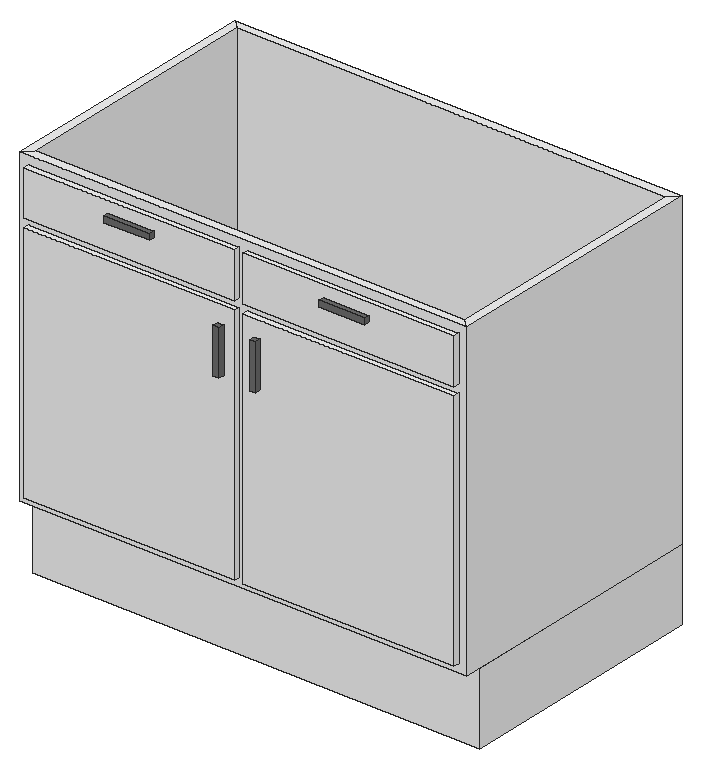
Revit family "Base Cabinet-Double Door & 2 Drawer (NZ)", category 케이스워크, Revit 2026
Family settings
  작업 기준면 기반 = 아니오
  항상 수직 = 예
  로드될 때 보이드를 사용하여 절단 = 아니오
  공유 = 아니오
  룸 계산 점 = 아니오
Parameters (values of type "1000mm")
  기본 높이 = 0 mm
  Cabinet Material = none
  깊이 = 600 mm
  Door/Drawer Material = none
  Handle Material = Cabinets - Handles
  높이 = 860 mm
  Plinth Depth = 35 mm
  Plinth Height = 160 mm
  폭 = 1000 mm
  Assembly Code = ""
Types (2, lengths in mm): name | 폭
  600mm | 600
  1000mm | 1000
Reference planes
  plane 1 "Back": y = 0
  plane 2: z = 0
  plane 3 "Center": x = 18.738
  plane 4 "Left": x = -481.262
  plane 5 "Right": x = 518.738
  plane 6 "Front": y = -600
  plane 7 "Top": z = 860
  plane 8: y = -565
  plane 9: z = 160
  plane 10: z = 840.95
  plane 11: z = 179.05
  plane 12: x = -462.212
  plane 13: x = 499.688
  plane 14: z = 739.35
  plane 15: z = 720.3
  plane 16: x = -272.537
  plane 17: x = -170.937
  plane 18: z = 815.55
  plane 19: z = 802.85
  plane 20: z = 682.2
  plane 21: z = 580.6
  plane 22: x = -16.187
  plane 23: x = -28.887
  plane 24: x = 9.213
  plane 25: x = 28.263
  plane 26: x = 53.663
  plane 27: x = 66.363
  plane 28: x = -221.737
  plane 29: x = 259.213
  plane 30: x = 208.413
  plane 31: x = 310.013
  plane 32: z = 449.675
Forms (mm)
  Extrusion 1, solid, material <- "Cabinet Material"
    sketch origin (0, 0, 0) x (1, 0, 0) y (0, 1, 0)
      loop
        line (-481.262, 0) -> (-481.262, -565) -> (518.738, -565) -> (518.738, 0) -> (-481.262, 0)
    from 0 to 160
  Sweep 2, solid, material <- "Cabinet Material"
    path origin (0, 0, 0) x (1, 0, 0) y (0, 1, 0)
      loop
        line (518.738, 0) -> (-481.262, 0) -> (-481.262, -600) -> (518.738, -600) -> (518.738, 0)
    profile origin (0, -300, 0) x (1, 0, 0) y (0, 0, 1)
      loop
        line (518.738, 160) -> (518.738, 860) -> (499.688, 860) -> (499.688, 160) -> (518.738, 160)
  Extrusion 3, solid, material <- "Cabinet Material"
    sketch origin (0, 0, 0) x (1, 0, 0) y (0, 1, 0)
      loop
        line (-462.212, -19.05) -> (-462.212, -580.95) -> (499.688, -580.95) -> (499.688, -19.05) -> (-462.212, -19.05)
    from 179.05 to 160
  Extrusion 4, solid, material <- "Door/Drawer Material"
    sketch origin (0, -600, 0) x (1, 0, 0) y (0, 0, 1)
      loop
        line (-462.212, 840.95) -> (-462.212, 739.35) -> (9.213, 739.35) -> (9.213, 840.95) -> (-462.212, 840.95)
      loop
        line (28.263, 840.95) -> (28.263, 739.35) -> (499.688, 739.35) -> (499.688, 840.95) -> (28.263, 840.95)
      loop
        line (-462.212, 720.3) -> (-462.212, 179.05) -> (9.213, 179.05) -> (9.213, 720.3) -> (-462.212, 720.3)
      loop
        line (28.263, 720.3) -> (28.263, 179.05) -> (499.688, 179.05) -> (499.688, 720.3) -> (28.263, 720.3)
    from 0 to 12.7
  Extrusion 5, solid, material "Cabinets - Handles" <- "Handle Material"
    sketch origin (0, -600, 0) x (1, 0, 0) y (0, 0, 1)
      loop
        line (-272.537, 815.55) -> (-272.537, 802.85) -> (-170.937, 802.85) -> (-170.937, 815.55) -> (-272.537, 815.55)
      loop
        line (208.413, 815.55) -> (208.413, 802.85) -> (310.013, 802.85) -> (310.013, 815.55) -> (208.413, 815.55)
      loop
        line (-28.887, 682.2) -> (-28.887, 580.6) -> (-16.187, 580.6) -> (-16.187, 682.2) -> (-28.887, 682.2)
      loop
        line (53.663, 682.2) -> (53.663, 580.6) -> (66.363, 580.6) -> (66.363, 682.2) -> (53.663, 682.2)
    from 12.7 to 25.4
Lines and regions (mm)
  symbolic lines, style "Plan Rep - Below"
    curve 1: line (518.738, -600, 0) -> (-481.262, -600, 0)
    curve 2: line (518.738, 0, 0) -> (518.738, -600, 0)
    curve 3: line (-481.262, 0, 0) -> (518.738, 0, 0)
    curve 4: line (-481.262, -600, 0) -> (-481.262, 0, 0)
  model lines
    curve 5: line (499.688, -600, 739.35) -> (28.263, -600, 739.35)
    curve 6: line (499.688, -600, 840.95) -> (499.688, -600, 739.35)
    curve 7: line (-462.212, -600, 840.95) -> (9.213, -600, 840.95)
    curve 8: line (-462.212, -600, 739.35) -> (-462.212, -600, 840.95)
    curve 9: line (499.688, -600, 179.05) -> (28.263, -600, 179.05)
    curve 10: line (499.688, -600, 720.3) -> (499.688, -600, 179.05)
    curve 11: line (-462.212, -600, 720.3) -> (9.213, -600, 720.3)
    curve 12: line (-462.212, -600, 179.05) -> (-462.212, -600, 720.3)
    curve 13: line (-272.537, -600, 815.55) -> (-170.937, -600, 815.55)
    curve 14: line (-272.537, -600, 802.85) -> (-272.537, -600, 815.55)
    curve 15: line (-170.937, -600, 802.85) -> (-272.537, -600, 802.85)
    curve 16: line (-170.937, -600, 815.55) -> (-170.937, -600, 802.85)
    curve 17: line (-28.887, -600, 682.2) -> (-16.187, -600, 682.2)
    curve 18: line (-28.887, -600, 580.6) -> (-28.887, -600, 682.2)
    curve 19: line (-16.187, -600, 580.6) -> (-28.887, -600, 580.6)
    curve 20: line (-16.187, -600, 682.2) -> (-16.187, -600, 580.6)
    curve 21: line (28.263, -600, 179.05) -> (28.263, -600, 720.3)
    curve 22: line (9.213, -600, 179.05) -> (9.213, -600, 720.3)
    curve 23: line (66.363, -600, 682.2) -> (53.663, -600, 682.2)
    curve 24: line (66.363, -600, 580.6) -> (66.363, -600, 682.2)
    curve 25: line (53.663, -600, 580.6) -> (66.363, -600, 580.6)
    curve 26: line (53.663, -600, 682.2) -> (53.663, -600, 580.6)
    curve 27: line (28.263, -600, 720.3) -> (499.688, -600, 720.3)
    curve 28: line (9.213, -600, 179.05) -> (-462.212, -600, 179.05)
    curve 29: line (310.013, -600, 815.55) -> (208.413, -600, 815.55)
    curve 30: line (310.013, -600, 802.85) -> (310.013, -600, 815.55)
    curve 31: line (208.413, -600, 802.85) -> (310.013, -600, 802.85)
    curve 32: line (208.413, -600, 815.55) -> (208.413, -600, 802.85)
    curve 33: line (9.213, -600, 739.35) -> (9.213, -600, 840.95)
    curve 34: line (28.263, -600, 739.35) -> (28.263, -600, 840.95)
    curve 35: line (28.263, -600, 840.95) -> (499.688, -600, 840.95)
    curve 36: line (9.213, -600, 739.35) -> (-462.212, -600, 739.35)
  symbolic lines, style "Elevation Swing"
    curve 37: line (9.213, 0, 720.3) -> (-462.212, 0, 449.675)
    curve 38: line (-462.212, 0, 449.675) -> (9.213, 0, 179.05)
    curve 39: line (28.263, 0, 179.05) -> (499.688, 0, 449.675)
    curve 40: line (499.688, 0, 449.675) -> (28.263, 0, 720.3)
Dimensions and locks
  "깊이": plane 6 "Front" to plane 1 "Back"
  "폭": plane 4 "Left" to plane 5 "Right"
  equal spacing: plane 4 "Left", plane 3 "Center", plane 5 "Right"
  "높이": level to plane 7 "Top"
  "Plinth Height": plane 2 to plane 9
  "Plinth Depth": plane 6 "Front" to plane 8
  locked: plane 4 "Left" to plane 12 at 19.05
  locked: plane 13 to plane 5 "Right" at 19.05
  locked: plane 7 "Top" to plane 10 at 19.05
  locked: plane 11 to plane 9 at 19.05
  plane 10 to plane 14 to plane 15 = 101.6 mm locked, 19.05 mm locked
  plane 15 to plane 20 to plane 21 = 38.1 mm locked, 101.6 mm locked
  plane 10 to plane 18 to plane 19 = 25.4 mm locked, 12.7 mm locked
  plane 25 to plane 3 "Center" to plane 24 = 9.525 mm locked, 9.525 mm locked
  plane 24 to plane 22 to plane 23 = 25.4 mm locked, 12.7 mm locked
  plane 25 to plane 26 to plane 27 = 25.4 mm locked, 12.7 mm locked
  equal spacing: plane 12, plane 28, plane 3 "Center"
  equal spacing: plane 13, plane 29, plane 3 "Center"
  plane 16 to plane 28 to plane 17 = 50.8 mm locked, 50.8 mm locked
  plane 30 to plane 29 to plane 31 = 50.8 mm locked, 50.8 mm locked
  equal spacing: plane 15, plane 32, plane 11
  aligned and locked: plane 1 "Back" to Extrusion 1 sketch curve
  aligned and locked: Extrusion 1 sketch curve to plane 5 "Right"
  aligned and locked: Extrusion 1 sketch curve to plane 8
  aligned and locked: plane 4 "Left" to Extrusion 1 sketch curve
  aligned and locked: Extrusion 1 to level
  aligned and locked: Sweep 2 sketch curve to plane 6 "Front"
  aligned and locked: plane 1 "Back" to Sweep 2 sketch curve
  aligned and locked: Sweep 2 sketch curve to plane 5 "Right"  (x2)
  aligned and locked: plane 4 "Left" to Sweep 2 sketch curve
  aligned and locked: plane 7 "Top" to Sweep 2 sketch curve
  aligned and locked: plane 9 to Sweep 2 sketch curve
  aligned and locked: Sweep 2 to Extrusion 3 sketch curve  (x2)
  aligned and locked: Extrusion 3 sketch curve to Sweep 2  (x2)
  aligned and locked: Extrusion 3 to plane 11
  aligned and locked: Extrusion 3 to plane 9
  aligned and locked: plane 9 to Extrusion 1
Automatic sketch dimensions
  profile plane to Sweep 2 sketch curve = 19.05 mm
  curve 1 to plane 4 "Left" = 0 mm
  curve 3 to plane 1 "Back" = 0 mm
  curve 3 to plane 5 "Right" = 0 mm
  curve 1 to plane 6 "Front" = 0 mm
  Extrusion 4 sketch curve to plane 12 = 0 mm  (x2)
  Extrusion 4 sketch curve to plane 10 = 0 mm  (x2)
  Extrusion 4 sketch curve to plane 24 = 0 mm  (x2)
  Extrusion 4 sketch curve to plane 11 = 0 mm  (x2)
  Extrusion 4 sketch curve to plane 14 = 0 mm  (x2)
  Extrusion 4 sketch curve to plane 25 = 0 mm  (x2)
  Extrusion 4 sketch curve to plane 15 = 0 mm  (x2)
  Extrusion 4 sketch curve to plane 13 = 0 mm  (x2)
  Extrusion 5 sketch curve to plane 16 = 0 mm
  Extrusion 5 sketch curve to plane 17 = 0 mm
  Extrusion 5 sketch curve to plane 20 = 0 mm  (x2)
  Extrusion 5 sketch curve to plane 23 = 0 mm
  Extrusion 5 sketch curve to plane 21 = 0 mm  (x2)
  Extrusion 5 sketch curve to plane 22 = 0 mm
  Extrusion 5 sketch curve to plane 26 = 0 mm
  Extrusion 5 sketch curve to plane 27 = 0 mm
  Extrusion 5 sketch curve to plane 18 = 0 mm  (x2)
  Extrusion 5 sketch curve to plane 30 = 0 mm
  Extrusion 5 sketch curve to plane 19 = 0 mm  (x2)
  Extrusion 5 sketch curve to plane 31 = 0 mm
  curve 35 to plane 10 = 0 mm
  curve 35 to plane 13 = 0 mm
  curve 40 to plane 13 = 0 mm
  curve 10 to plane 13 = 0 mm
  curve 31 to plane 19 = 0 mm
  curve 31 to plane 31 = 0 mm
  curve 29 to plane 18 = 0 mm
  curve 29 to plane 30 = 0 mm
  curve 23 to plane 20 = 0 mm
  curve 23 to plane 27 = 0 mm
  curve 26 to plane 26 = 0 mm
  curve 27 to plane 15 = 0 mm
  curve 27 to plane 25 = 0 mm
  curve 39 to plane 11 = 0 mm
  curve 39 to plane 25 = 0 mm
  curve 34 to plane 25 = 0 mm
  curve 40 to plane 15 = 0 mm
  curve 40 to plane 25 = 0 mm
  curve 22 to plane 11 = 0 mm
  curve 22 to plane 24 = 0 mm
  curve 33 to plane 10 = 0 mm
  curve 33 to plane 24 = 0 mm
  curve 37 to plane 15 = 0 mm
  curve 37 to plane 24 = 0 mm
  curve 38 to plane 11 = 0 mm
  curve 38 to plane 24 = 0 mm
  curve 19 to plane 21 = 0 mm
  curve 19 to plane 22 = 0 mm
  curve 19 to plane 23 = 0 mm
  curve 16 to plane 17 = 0 mm
  curve 13 to plane 16 = 0 mm
  curve 36 to plane 12 = 0 mm
  curve 12 to plane 12 = 0 mm
  curve 38 to plane 12 = 0 mm
  curve 13 to plane 18 = 0 mm
  curve 15 to plane 19 = 0 mm
  curve 36 to plane 14 = 0 mm
  curve 5 to plane 14 = 0 mm
  curve 22 to plane 15 = 0 mm
  curve 20 to plane 20 = 0 mm
  curve 26 to plane 21 = 0 mm
  curve 40 to plane 32 = 0 mm
  curve 37 to plane 32 = 0 mm
  curve 9 to plane 11 = 0 mm
